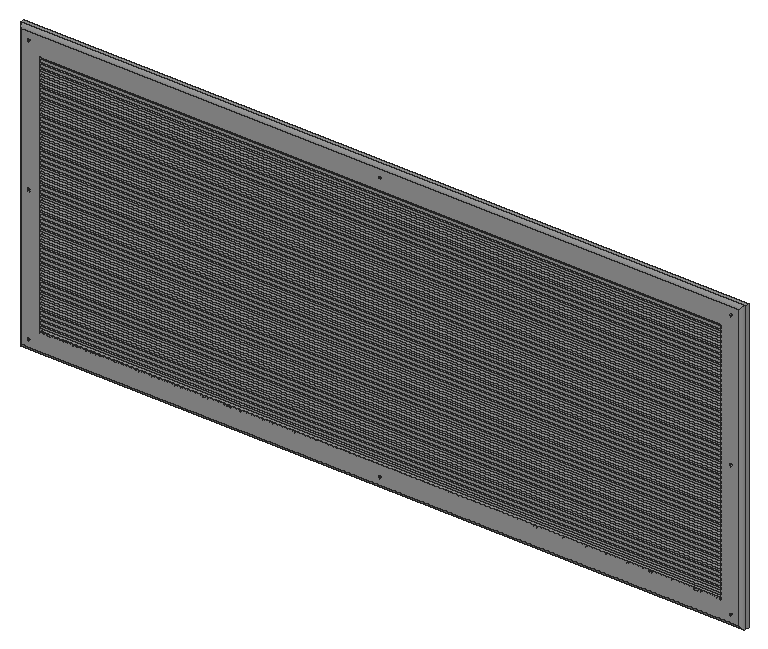
Revit family "ОНФ", category Оборудование, Revit 2021
Family settings
  Размер круглого соединителя = Использовать диаметр
  Классификация = Нет
  Тип детали = Нормальный
  На основе рабочей плоскости = Нет
  Всегда вертикально = Да
  При загрузке вырезать с полостями = Нет
  Общий = Нет
  Точка принадлежности помещению = Нет
Parameters (values of type "ОНФ 1000х400")
  Отметка по умолчанию = 0 mm
  Вага = 6.50 kg
  t = 3 mm
  r = 5 mm  # constant formula
  n = B1 / S  # 57
  a2 = -A1 / 2  # -470 mm
  a1 = A1 / 2  # 470 mm
  S = 6 mm
  Pressure_Static_Air [instance] = 0.0 m³/h
  Maximum Air Flow = 0.0 m³/h
  Maintenance zone material = none
  Load Classification = "HVAC"
  Grid Material = Cover Grid Cross
  Casing Material = Металл, окрашенный, синий, матовый RAL 5007
  B2 = B - C  # 370 mm
  B1 = B - C * 2  # 340 mm
  C = 30 mm
  B = 400 mm
  Air Flow [instance] = 0.0 m³/h
  A2 = A - C  # 970 mm
  A1 = A - 2 * C  # 940 mm
  A = 1000 mm
  09_System_Name [instance] = ""
  00_20_Type = "ОНФ 1000х400"
  00_20_Name = "Припливно-витяжна решітка"
  00_20_Manufacturer = "Вентс"  # constant formula
Types (16, lengths in mm): name | t | n | a2 | a1 | B2 | B1 | C | B | A2 | A1 | A | 00_20_Type
  (no name) | 3 | 57 | -470 | 470 | 370 | 340 | 30 | 400 | 970 | 940 | 1000 | "ОНФ 1000х400"
  ОНФ 100х100 | 2 | 13 | -40 | 40 | 90 | 80 | 10 | 100 | 90 | 80 | 100 | "ОНФ 100х100"
  ОНФ 1000х1000 | 3 | 157 | -470 | 470 | 970 | 940 | 30 | 1000 | 970 | 940 | 1000 | "ОНФ 1000х1000"
  ОНФ 900х900 | 3 | 140 | -420 | 420 | 870 | 840 | 30 | 900 | 870 | 840 | 900 | "ОНФ 900х900"
  ОНФ 800х800 | 3 | 123 | -370 | 370 | 770 | 740 | 30 | 800 | 770 | 740 | 800 | "ОНФ 800х800"
  ОНФ 700х700 | 3 | 107 | -320 | 320 | 670 | 640 | 30 | 700 | 670 | 640 | 700 | "ОНФ 700х700"
  ОНФ 600х600 | 3 | 90 | -270 | 270 | 570 | 540 | 30 | 600 | 570 | 540 | 600 | "ОНФ 600х600"
  ОНФ 500х500 | 3 | 73 | -220 | 220 | 470 | 440 | 30 | 500 | 470 | 440 | 500 | "ОНФ 500х500"
  ОНФ 400х400 | 3 | 42 | -125 | 125 | 275 | 250 | 25 | 300 | 275 | 250 | 300 | "ОНФ 400х400"
  ОНФ 300х300 | 3 | 42 | -125 | 125 | 275 | 250 | 25 | 300 | 275 | 250 | 300 | "ОНФ 300х300"
  ОНФ 200х200 | 3 | 27 | -80 | 80 | 180 | 160 | 20 | 200 | 180 | 160 | 200 | "ОНФ 200х200"
  ОНФ 100х150 | 2 | 22 | -40 | 40 | 140 | 130 | 10 | 150 | 90 | 80 | 100 | "ОНФ 100х150"
  ОНФ 150х150 | 2 | 22 | -65 | 65 | 140 | 130 | 10 | 150 | 140 | 130 | 150 | "ОНФ 150х150"
  ОНФ 150х200 | 2 | 28 | -110 | 110 | 185 | 170 | 15 | 200 | 235 | 220 | 250 | "ОНФ 150х200"
  ОНФ 900х400 | 3 | 57 | -420 | 420 | 370 | 340 | 30 | 400 | 870 | 840 | 900 | "ОНФ 900х400"
  ОНФ 1000х400 | 3 | 57 | -470 | 470 | 370 | 340 | 30 | 400 | 970 | 940 | 1000 | "ОНФ 1000х400"
Reference planes
  plane 1 "По центру (Вперед/Назад)": y = 0
  plane 2: z = 0
  plane 3 "По центру (Влево/Вправо)": x = 0
  plane 4: x = 470
  plane 5: x = -470
  plane 6: z = 170
  plane 7: z = -170
  plane 8: z = 185
  plane 9: x = -485
  plane 10: x = 485
  plane 11: z = -185
Forms (mm)
  Extrusion 1, solid, material "Металл, окрашенный, белый, матовый"
    sketch origin (-145.595, 0, 117.557) x (1, 0, 0) y (0, 0, 1)
      loop
        line (-324.405, -287.557) -> (615.595, -287.557) -> (615.595, 52.443) -> (-324.405, 52.443) -> (-324.405, -287.557)
      loop
        line (-354.405, -317.557) -> (645.595, -317.557) -> (645.595, 82.443) -> (-354.405, 82.443) -> (-354.405, -317.557)
    from 0 to 10
  Extrusion 2, solid, material "Металл, окрашенный, белый, матовый"
    sketch origin (0, 0, -50) x (0, 1, 0) y (0, 0, 1)
      loop
        line (0, 216.798) -> (-10, 216.798) -> (-10, 213.798) -> (0, 213.798) -> (0, 216.798)
    from 470 <- "a1" to -470 <- "a2"
  Extrusion 3, solid, material "Металл, окрашенный, белый, матовый"
    sketch origin (0, 0, -56) x (0, 1, 0) y (0, 0, 1)
      loop
        line (0, 216.798) -> (-10, 216.798) -> (-10, 213.798) -> (0, 213.798) -> (0, 216.798)
    from 470 <- "a1" to -470 <- "a2"
  Extrusion 4, solid, material "Металл, окрашенный, белый, матовый"
    sketch origin (0, 0, -62) x (0, 1, 0) y (0, 0, 1)
      loop
        line (0, 216.798) -> (-10, 216.798) -> (-10, 213.798) -> (0, 213.798) -> (0, 216.798)
    from 470 <- "a1" to -470 <- "a2"
  Extrusion 5, solid, material "Металл, окрашенный, белый, матовый"
    sketch origin (0, 0, -68) x (0, 1, 0) y (0, 0, 1)
      loop
        line (0, 216.798) -> (-10, 216.798) -> (-10, 213.798) -> (0, 213.798) -> (0, 216.798)
    from 470 <- "a1" to -470 <- "a2"
  Extrusion 6, solid, material "Металл, окрашенный, белый, матовый"
    sketch origin (0, 0, -74) x (0, 1, 0) y (0, 0, 1)
      loop
        line (0, 216.798) -> (-10, 216.798) -> (-10, 213.798) -> (0, 213.798) -> (0, 216.798)
    from 470 <- "a1" to -470 <- "a2"
  Extrusion 7, solid, material "Металл, окрашенный, белый, матовый"
    sketch origin (0, 0, -80) x (0, 1, 0) y (0, 0, 1)
      loop
        line (0, 216.798) -> (-10, 216.798) -> (-10, 213.798) -> (0, 213.798) -> (0, 216.798)
    from 470 <- "a1" to -470 <- "a2"
  Extrusion 8, solid, material "Металл, окрашенный, белый, матовый"
    sketch origin (0, 0, -86) x (0, 1, 0) y (0, 0, 1)
      loop
        line (0, 216.798) -> (-10, 216.798) -> (-10, 213.798) -> (0, 213.798) -> (0, 216.798)
    from 470 <- "a1" to -470 <- "a2"
  Extrusion 9, solid, material "Металл, окрашенный, белый, матовый"
    sketch origin (0, 0, -92) x (0, 1, 0) y (0, 0, 1)
      loop
        line (0, 216.798) -> (-10, 216.798) -> (-10, 213.798) -> (0, 213.798) -> (0, 216.798)
    from 470 <- "a1" to -470 <- "a2"
  Extrusion 10, solid, material "Металл, окрашенный, белый, матовый"
    sketch origin (0, 0, -98) x (0, 1, 0) y (0, 0, 1)
      loop
        line (0, 216.798) -> (-10, 216.798) -> (-10, 213.798) -> (0, 213.798) -> (0, 216.798)
    from 470 <- "a1" to -470 <- "a2"
  Extrusion 11, solid, material "Металл, окрашенный, белый, матовый"
    sketch origin (0, 0, -104) x (0, 1, 0) y (0, 0, 1)
      loop
        line (0, 216.798) -> (-10, 216.798) -> (-10, 213.798) -> (0, 213.798) -> (0, 216.798)
    from 470 <- "a1" to -470 <- "a2"
  Extrusion 12, solid, material "Металл, окрашенный, белый, матовый"
    sketch origin (0, 0, -110) x (0, 1, 0) y (0, 0, 1)
      loop
        line (0, 216.798) -> (-10, 216.798) -> (-10, 213.798) -> (0, 213.798) -> (0, 216.798)
    from 470 <- "a1" to -470 <- "a2"
  Extrusion 13, solid, material "Металл, окрашенный, белый, матовый"
    sketch origin (0, 0, -116) x (0, 1, 0) y (0, 0, 1)
      loop
        line (0, 216.798) -> (-10, 216.798) -> (-10, 213.798) -> (0, 213.798) -> (0, 216.798)
    from 470 <- "a1" to -470 <- "a2"
  Extrusion 14, solid, material "Металл, окрашенный, белый, матовый"
    sketch origin (0, 0, -122) x (0, 1, 0) y (0, 0, 1)
      loop
        line (0, 216.798) -> (-10, 216.798) -> (-10, 213.798) -> (0, 213.798) -> (0, 216.798)
    from 470 <- "a1" to -470 <- "a2"
  Sweep 15, void
    path in 3D
      loop
        line (-500, -10, 200) -> (-500, -10, -200) -> (500, -10, -200) -> (500, -10, 200) -> (-500, -10, 200)
    profile origin (0, -10, 200) x (0, -1, 0) y (0, 0, 1)
      loop
        line (0, 0) -> (-5, 0)
        arc (-5, 0) -> (-1.464, -1.464) -> (0, -5) r 5
        line (0, -5) -> (0, 0)
  Extrusion 16, void
    sketch origin (0, 0, 0) x (1, 0, 0) y (0, 0, 1)
      loop
        circle (485.01, 185.01) r 2
      loop
        circle (-485.01, 185.01) r 2
      loop
        circle (485, 0) r 2
      loop
        circle (-485, 0) r 2
      loop
        circle (-485.01, -185.01) r 2
      loop
        circle (485.01, -185.01) r 2
      loop
        circle (0, -185) r 2
      loop
        circle (0, 185) r 2
    from 0 to 10
  Extrusion 17, solid, material "Металл, окрашенный, белый, матовый"
    sketch origin (0, 0, -128) x (0, 1, 0) y (0, 0, 1)
      loop
        line (0, 216.798) -> (-10, 216.798) -> (-10, 213.798) -> (0, 213.798) -> (0, 216.798)
    from 470 <- "a1" to -470 <- "a2"
  Extrusion 18, solid, material "Металл, окрашенный, белый, матовый"
    sketch origin (0, 0, -134) x (0, 1, 0) y (0, 0, 1)
      loop
        line (0, 216.798) -> (-10, 216.798) -> (-10, 213.798) -> (0, 213.798) -> (0, 216.798)
    from 470 <- "a1" to -470 <- "a2"
  Extrusion 19, solid, material "Металл, окрашенный, белый, матовый"
    sketch origin (0, 0, -140) x (0, 1, 0) y (0, 0, 1)
      loop
        line (0, 216.798) -> (-10, 216.798) -> (-10, 213.798) -> (0, 213.798) -> (0, 216.798)
    from 470 <- "a1" to -470 <- "a2"
  Extrusion 20, solid, material "Металл, окрашенный, белый, матовый"
    sketch origin (0, 0, -146) x (0, 1, 0) y (0, 0, 1)
      loop
        line (0, 216.798) -> (-10, 216.798) -> (-10, 213.798) -> (0, 213.798) -> (0, 216.798)
    from 470 <- "a1" to -470 <- "a2"
  Extrusion 21, solid, material "Металл, окрашенный, белый, матовый"
    sketch origin (0, 0, -152) x (0, 1, 0) y (0, 0, 1)
      loop
        line (0, 216.798) -> (-10, 216.798) -> (-10, 213.798) -> (0, 213.798) -> (0, 216.798)
    from 470 <- "a1" to -470 <- "a2"
  Extrusion 22, solid, material "Металл, окрашенный, белый, матовый"
    sketch origin (0, 0, -158) x (0, 1, 0) y (0, 0, 1)
      loop
        line (0, 216.798) -> (-10, 216.798) -> (-10, 213.798) -> (0, 213.798) -> (0, 216.798)
    from 470 <- "a1" to -470 <- "a2"
  Extrusion 23, solid, material "Металл, окрашенный, белый, матовый"
    sketch origin (0, 0, -164) x (0, 1, 0) y (0, 0, 1)
      loop
        line (0, 216.798) -> (-10, 216.798) -> (-10, 213.798) -> (0, 213.798) -> (0, 216.798)
    from 470 <- "a1" to -470 <- "a2"
  Extrusion 24, solid, material "Металл, окрашенный, белый, матовый"
    sketch origin (0, 0, -170) x (0, 1, 0) y (0, 0, 1)
      loop
        line (0, 216.798) -> (-10, 216.798) -> (-10, 213.798) -> (0, 213.798) -> (0, 216.798)
    from 470 <- "a1" to -470 <- "a2"
  Extrusion 25, solid, material "Металл, окрашенный, белый, матовый"
    sketch origin (0, 0, -176) x (0, 1, 0) y (0, 0, 1)
      loop
        line (0, 216.798) -> (-10, 216.798) -> (-10, 213.798) -> (0, 213.798) -> (0, 216.798)
    from 470 <- "a1" to -470 <- "a2"
  Extrusion 26, solid, material "Металл, окрашенный, белый, матовый"
    sketch origin (0, 0, -182) x (0, 1, 0) y (0, 0, 1)
      loop
        line (0, 216.798) -> (-10, 216.798) -> (-10, 213.798) -> (0, 213.798) -> (0, 216.798)
    from 470 <- "a1" to -470 <- "a2"
  Extrusion 27, solid, material "Металл, окрашенный, белый, матовый"
    sketch origin (0, 0, -188) x (0, 1, 0) y (0, 0, 1)
      loop
        line (0, 216.798) -> (-10, 216.798) -> (-10, 213.798) -> (0, 213.798) -> (0, 216.798)
    from 470 <- "a1" to -470 <- "a2"
  Extrusion 28, solid, material "Металл, окрашенный, белый, матовый"
    sketch origin (0, 0, -194) x (0, 1, 0) y (0, 0, 1)
      loop
        line (0, 216.798) -> (-10, 216.798) -> (-10, 213.798) -> (0, 213.798) -> (0, 216.798)
    from 470 <- "a1" to -470 <- "a2"
  Extrusion 29, solid, material "Металл, окрашенный, белый, матовый"
    sketch origin (0, 0, -200) x (0, 1, 0) y (0, 0, 1)
      loop
        line (0, 216.798) -> (-10, 216.798) -> (-10, 213.798) -> (0, 213.798) -> (0, 216.798)
    from 470 <- "a1" to -470 <- "a2"
  Extrusion 30, solid, material "Металл, окрашенный, белый, матовый"
    sketch origin (0, 0, -206) x (0, 1, 0) y (0, 0, 1)
      loop
        line (0, 216.798) -> (-10, 216.798) -> (-10, 213.798) -> (0, 213.798) -> (0, 216.798)
    from 470 <- "a1" to -470 <- "a2"
  Extrusion 31, solid, material "Металл, окрашенный, белый, матовый"
    sketch origin (0, 0, -212) x (0, 1, 0) y (0, 0, 1)
      loop
        line (0, 216.798) -> (-10, 216.798) -> (-10, 213.798) -> (0, 213.798) -> (0, 216.798)
    from 470 <- "a1" to -470 <- "a2"
  Extrusion 32, solid, material "Металл, окрашенный, белый, матовый"
    sketch origin (0, 0, -218) x (0, 1, 0) y (0, 0, 1)
      loop
        line (0, 216.798) -> (-10, 216.798) -> (-10, 213.798) -> (0, 213.798) -> (0, 216.798)
    from 470 <- "a1" to -470 <- "a2"
  Extrusion 33, solid, material "Металл, окрашенный, белый, матовый"
    sketch origin (0, 0, -224) x (0, 1, 0) y (0, 0, 1)
      loop
        line (0, 216.798) -> (-10, 216.798) -> (-10, 213.798) -> (0, 213.798) -> (0, 216.798)
    from 470 <- "a1" to -470 <- "a2"
  Extrusion 34, solid, material "Металл, окрашенный, белый, матовый"
    sketch origin (0, 0, -230) x (0, 1, 0) y (0, 0, 1)
      loop
        line (0, 216.798) -> (-10, 216.798) -> (-10, 213.798) -> (0, 213.798) -> (0, 216.798)
    from 470 <- "a1" to -470 <- "a2"
  Extrusion 35, solid, material "Металл, окрашенный, белый, матовый"
    sketch origin (0, 0, -236) x (0, 1, 0) y (0, 0, 1)
      loop
        line (0, 216.798) -> (-10, 216.798) -> (-10, 213.798) -> (0, 213.798) -> (0, 216.798)
    from 470 <- "a1" to -470 <- "a2"
  Extrusion 36, solid, material "Металл, окрашенный, белый, матовый"
    sketch origin (0, 0, -242) x (0, 1, 0) y (0, 0, 1)
      loop
        line (0, 216.798) -> (-10, 216.798) -> (-10, 213.798) -> (0, 213.798) -> (0, 216.798)
    from 470 <- "a1" to -470 <- "a2"
  Extrusion 37, solid, material "Металл, окрашенный, белый, матовый"
    sketch origin (0, 0, -248) x (0, 1, 0) y (0, 0, 1)
      loop
        line (0, 216.798) -> (-10, 216.798) -> (-10, 213.798) -> (0, 213.798) -> (0, 216.798)
    from 470 <- "a1" to -470 <- "a2"
  Extrusion 38, solid, material "Металл, окрашенный, белый, матовый"
    sketch origin (0, 0, -254) x (0, 1, 0) y (0, 0, 1)
      loop
        line (0, 216.798) -> (-10, 216.798) -> (-10, 213.798) -> (0, 213.798) -> (0, 216.798)
    from 470 <- "a1" to -470 <- "a2"
  Extrusion 39, solid, material "Металл, окрашенный, белый, матовый"
    sketch origin (0, 0, -260) x (0, 1, 0) y (0, 0, 1)
      loop
        line (0, 216.798) -> (-10, 216.798) -> (-10, 213.798) -> (0, 213.798) -> (0, 216.798)
    from 470 <- "a1" to -470 <- "a2"
  Extrusion 40, solid, material "Металл, окрашенный, белый, матовый"
    sketch origin (0, 0, -266) x (0, 1, 0) y (0, 0, 1)
      loop
        line (0, 216.798) -> (-10, 216.798) -> (-10, 213.798) -> (0, 213.798) -> (0, 216.798)
    from 470 <- "a1" to -470 <- "a2"
  Extrusion 41, solid, material "Металл, окрашенный, белый, матовый"
    sketch origin (0, 0, -272) x (0, 1, 0) y (0, 0, 1)
      loop
        line (0, 216.798) -> (-10, 216.798) -> (-10, 213.798) -> (0, 213.798) -> (0, 216.798)
    from 470 <- "a1" to -470 <- "a2"
  Extrusion 42, solid, material "Металл, окрашенный, белый, матовый"
    sketch origin (0, 0, -278) x (0, 1, 0) y (0, 0, 1)
      loop
        line (0, 216.798) -> (-10, 216.798) -> (-10, 213.798) -> (0, 213.798) -> (0, 216.798)
    from 470 <- "a1" to -470 <- "a2"
  Extrusion 43, solid, material "Металл, окрашенный, белый, матовый"
    sketch origin (0, 0, -284) x (0, 1, 0) y (0, 0, 1)
      loop
        line (0, 216.798) -> (-10, 216.798) -> (-10, 213.798) -> (0, 213.798) -> (0, 216.798)
    from 470 <- "a1" to -470 <- "a2"
  Extrusion 44, solid, material "Металл, окрашенный, белый, матовый"
    sketch origin (0, 0, -290) x (0, 1, 0) y (0, 0, 1)
      loop
        line (0, 216.798) -> (-10, 216.798) -> (-10, 213.798) -> (0, 213.798) -> (0, 216.798)
    from 470 <- "a1" to -470 <- "a2"
  Extrusion 45, solid, material "Металл, окрашенный, белый, матовый"
    sketch origin (0, 0, -296) x (0, 1, 0) y (0, 0, 1)
      loop
        line (0, 216.798) -> (-10, 216.798) -> (-10, 213.798) -> (0, 213.798) -> (0, 216.798)
    from 470 <- "a1" to -470 <- "a2"
  Extrusion 46, solid, material "Металл, окрашенный, белый, матовый"
    sketch origin (0, 0, -302) x (0, 1, 0) y (0, 0, 1)
      loop
        line (0, 216.798) -> (-10, 216.798) -> (-10, 213.798) -> (0, 213.798) -> (0, 216.798)
    from 470 <- "a1" to -470 <- "a2"
  Extrusion 47, solid, material "Металл, окрашенный, белый, матовый"
    sketch origin (0, 0, -308) x (0, 1, 0) y (0, 0, 1)
      loop
        line (0, 216.798) -> (-10, 216.798) -> (-10, 213.798) -> (0, 213.798) -> (0, 216.798)
    from 470 <- "a1" to -470 <- "a2"
  Extrusion 48, solid, material "Металл, окрашенный, белый, матовый"
    sketch origin (0, 0, -314) x (0, 1, 0) y (0, 0, 1)
      loop
        line (0, 216.798) -> (-10, 216.798) -> (-10, 213.798) -> (0, 213.798) -> (0, 216.798)
    from 470 <- "a1" to -470 <- "a2"
  Extrusion 49, solid, material "Металл, окрашенный, белый, матовый"
    sketch origin (0, 0, -320) x (0, 1, 0) y (0, 0, 1)
      loop
        line (0, 216.798) -> (-10, 216.798) -> (-10, 213.798) -> (0, 213.798) -> (0, 216.798)
    from 470 <- "a1" to -470 <- "a2"
  Extrusion 50, solid, material "Металл, окрашенный, белый, матовый"
    sketch origin (0, 0, -326) x (0, 1, 0) y (0, 0, 1)
      loop
        line (0, 216.798) -> (-10, 216.798) -> (-10, 213.798) -> (0, 213.798) -> (0, 216.798)
    from 470 <- "a1" to -470 <- "a2"
  Extrusion 51, solid, material "Металл, окрашенный, белый, матовый"
    sketch origin (0, 0, -332) x (0, 1, 0) y (0, 0, 1)
      loop
        line (0, 216.798) -> (-10, 216.798) -> (-10, 213.798) -> (0, 213.798) -> (0, 216.798)
    from 470 <- "a1" to -470 <- "a2"
  Extrusion 52, solid, material "Металл, окрашенный, белый, матовый"
    sketch origin (0, 0, -338) x (0, 1, 0) y (0, 0, 1)
      loop
        line (0, 216.798) -> (-10, 216.798) -> (-10, 213.798) -> (0, 213.798) -> (0, 216.798)
    from 470 <- "a1" to -470 <- "a2"
  Extrusion 53, solid, material "Металл, окрашенный, белый, матовый"
    sketch origin (0, 0, -344) x (0, 1, 0) y (0, 0, 1)
      loop
        line (0, 216.798) -> (-10, 216.798) -> (-10, 213.798) -> (0, 213.798) -> (0, 216.798)
    from 470 <- "a1" to -470 <- "a2"
  Extrusion 54, solid, material "Металл, окрашенный, белый, матовый"
    sketch origin (0, 0, -350) x (0, 1, 0) y (0, 0, 1)
      loop
        line (0, 216.798) -> (-10, 216.798) -> (-10, 213.798) -> (0, 213.798) -> (0, 216.798)
    from 470 <- "a1" to -470 <- "a2"
  Extrusion 55, solid, material "Металл, окрашенный, белый, матовый"
    sketch origin (0, 0, -356) x (0, 1, 0) y (0, 0, 1)
      loop
        line (0, 216.798) -> (-10, 216.798) -> (-10, 213.798) -> (0, 213.798) -> (0, 216.798)
    from 470 <- "a1" to -470 <- "a2"
  Extrusion 56, solid, material "Металл, окрашенный, белый, матовый"
    sketch origin (0, 0, -362) x (0, 1, 0) y (0, 0, 1)
      loop
        line (0, 216.798) -> (-10, 216.798) -> (-10, 213.798) -> (0, 213.798) -> (0, 216.798)
    from 470 <- "a1" to -470 <- "a2"
  Extrusion 57, solid, material "Металл, окрашенный, белый, матовый"
    sketch origin (0, 0, -368) x (0, 1, 0) y (0, 0, 1)
      loop
        line (0, 216.798) -> (-10, 216.798) -> (-10, 213.798) -> (0, 213.798) -> (0, 216.798)
    from 470 <- "a1" to -470 <- "a2"
  Extrusion 58, solid, material "Металл, окрашенный, белый, матовый"
    sketch origin (0, 0, -374) x (0, 1, 0) y (0, 0, 1)
      loop
        line (0, 216.798) -> (-10, 216.798) -> (-10, 213.798) -> (0, 213.798) -> (0, 216.798)
    from 470 <- "a1" to -470 <- "a2"
  Extrusion 59, solid, material "Металл, окрашенный, белый, матовый"
    sketch origin (0, 0, -380) x (0, 1, 0) y (0, 0, 1)
      loop
        line (0, 216.798) -> (-10, 216.798) -> (-10, 213.798) -> (0, 213.798) -> (0, 216.798)
    from 470 <- "a1" to -470 <- "a2"
  Extrusion 60, solid, material "Металл, окрашенный, белый, матовый"
    sketch origin (0, 0, -386) x (0, 1, 0) y (0, 0, 1)
      loop
        line (0, 216.798) -> (-10, 216.798) -> (-10, 213.798) -> (0, 213.798) -> (0, 216.798)
    from 470 <- "a1" to -470 <- "a2"
Cuts and joins
  Sweep 15, Extrusion 16 cuts Extrusion 1
Lines and regions (mm)
  sketch lines
    curve 1: line (500, -10, 200) -> (-500, -10, 200)
    curve 2: line (-500, -10, 200) -> (-500, -10, -200)
    curve 3: line (500, -10, -200) -> (500, -10, 200)
    curve 4: line (-500, -10, -200) -> (500, -10, -200)
Dimensions and locks
  "B": Extrusion 1 sketch curve to Extrusion 1 sketch curve
  "A": Extrusion 1 sketch curve to Extrusion 1 sketch curve
  equal spacing: Extrusion 1 sketch curve, plane 3 "По центру (Влево/Вправо)", Extrusion 1 sketch curve
  equal spacing: Extrusion 1 sketch curve, level, Extrusion 1 sketch curve
  equal spacing: plane 7, level, plane 6
  "B1": plane 7 to plane 6
  equal spacing: plane 4, plane 3 "По центру (Влево/Вправо)", plane 5
  "A1": plane 4 to plane 5
  "t": Extrusion 2 sketch curve to Extrusion 2 sketch curve
  locked: plane 6 to Extrusion 2 at 3.202
  "t": Extrusion 3 sketch curve to Extrusion 3 sketch curve
  equal spacing: group 1, group 2, group 3, group 4, group 5, group 6, group 7, group 8, group 9, group 10, group 11, group 12, group 13, group 14, group 15, group 16, group 17, group 18, group 19, group 20, group 21, group 22, group 23, group 24, group 25, group 26, group 27, group 28, group 29, group 30, group 31, group 32, group 33, group 34, group 35, group 36, group 37, group 38, group 39, group 40, group 41, group 42, group 43, group 44, group 45, group 46, group 47, group 48, group 49, group 50, group 51, group 52, group 53, group 54, group 55, group 56, group 57  (x2)
  equal spacing: group 57, group 56, group 55, group 54, group 53, group 52, group 51, group 50, group 49, group 48, group 47, group 46, group 45, group 44, group 43, group 42, group 41, group 40, group 39, group 38, group 37, group 36, group 35, group 34, group 33, group 32, group 31, group 30, group 29, group 28, group 27, group 26, group 25, group 24, group 23, group 22, group 21, group 20, group 19, group 18, group 17, group 16, group 15, group 14, group 13, group 12, group 11, group 10, group 9, group 8, group 7, group 6, group 5, group 4, group 3, group 2, group 1
  "t": Extrusion 4 sketch curve to Extrusion 4 sketch curve
  "S": Extrusion 2 to Extrusion 3
  "t": Extrusion 5 sketch curve to Extrusion 5 sketch curve
  "t": Extrusion 6 sketch curve to Extrusion 6 sketch curve
  "t": Extrusion 7 sketch curve to Extrusion 7 sketch curve
  "t": Extrusion 8 sketch curve to Extrusion 8 sketch curve
  "t": Extrusion 9 sketch curve to Extrusion 9 sketch curve
  "t": Extrusion 10 sketch curve to Extrusion 10 sketch curve
  "t": Extrusion 11 sketch curve to Extrusion 11 sketch curve
  "t": Extrusion 12 sketch curve to Extrusion 12 sketch curve
  "t": Extrusion 13 sketch curve to Extrusion 13 sketch curve
  "t": Extrusion 14 sketch curve to Extrusion 14 sketch curve
  equal spacing: plane 9, plane 3 "По центру (Влево/Вправо)", plane 10
  "A2": plane 9 to plane 10
  equal spacing: plane 11, level, plane 8
  "B2": plane 11 to plane 8
  "t": Extrusion 17 sketch curve to Extrusion 17 sketch curve
  "t": Extrusion 18 sketch curve to Extrusion 18 sketch curve
  "t": Extrusion 19 sketch curve to Extrusion 19 sketch curve
  "t": Extrusion 20 sketch curve to Extrusion 20 sketch curve
  "t": Extrusion 21 sketch curve to Extrusion 21 sketch curve
  "t": Extrusion 22 sketch curve to Extrusion 22 sketch curve
  "t": Extrusion 23 sketch curve to Extrusion 23 sketch curve
  "t": Extrusion 24 sketch curve to Extrusion 24 sketch curve
  "t": Extrusion 25 sketch curve to Extrusion 25 sketch curve
  "t": Extrusion 26 sketch curve to Extrusion 26 sketch curve
  "t": Extrusion 27 sketch curve to Extrusion 27 sketch curve
  "t": Extrusion 28 sketch curve to Extrusion 28 sketch curve
  "t": Extrusion 29 sketch curve to Extrusion 29 sketch curve
  "t": Extrusion 30 sketch curve to Extrusion 30 sketch curve
  "t": Extrusion 31 sketch curve to Extrusion 31 sketch curve
  "t": Extrusion 32 sketch curve to Extrusion 32 sketch curve
  "t": Extrusion 33 sketch curve to Extrusion 33 sketch curve
  "t": Extrusion 34 sketch curve to Extrusion 34 sketch curve
  "t": Extrusion 35 sketch curve to Extrusion 35 sketch curve
  "t": Extrusion 36 sketch curve to Extrusion 36 sketch curve
  "t": Extrusion 37 sketch curve to Extrusion 37 sketch curve
  "t": Extrusion 38 sketch curve to Extrusion 38 sketch curve
  "t": Extrusion 39 sketch curve to Extrusion 39 sketch curve
  "t": Extrusion 40 sketch curve to Extrusion 40 sketch curve
  "t": Extrusion 41 sketch curve to Extrusion 41 sketch curve
  "t": Extrusion 42 sketch curve to Extrusion 42 sketch curve
  "t": Extrusion 43 sketch curve to Extrusion 43 sketch curve
  "t": Extrusion 44 sketch curve to Extrusion 44 sketch curve
  "t": Extrusion 45 sketch curve to Extrusion 45 sketch curve
  "t": Extrusion 46 sketch curve to Extrusion 46 sketch curve
  "t": Extrusion 47 sketch curve to Extrusion 47 sketch curve
  "t": Extrusion 48 sketch curve to Extrusion 48 sketch curve
  "t": Extrusion 49 sketch curve to Extrusion 49 sketch curve
  "t": Extrusion 50 sketch curve to Extrusion 50 sketch curve
  "t": Extrusion 51 sketch curve to Extrusion 51 sketch curve
  "t": Extrusion 52 sketch curve to Extrusion 52 sketch curve
  "t": Extrusion 53 sketch curve to Extrusion 53 sketch curve
  "t": Extrusion 54 sketch curve to Extrusion 54 sketch curve
  "t": Extrusion 55 sketch curve to Extrusion 55 sketch curve
  "t": Extrusion 56 sketch curve to Extrusion 56 sketch curve
  "t": Extrusion 57 sketch curve to Extrusion 57 sketch curve
  "t": Extrusion 58 sketch curve to Extrusion 58 sketch curve
  "t": Extrusion 59 sketch curve to Extrusion 59 sketch curve
  "t": Extrusion 60 sketch curve to Extrusion 60 sketch curve
  "r": radius of Sweep 15 sketch curve
  aligned and locked: level to plane 2
  aligned and locked: Extrusion 1 sketch curve to plane 4
  aligned and locked: plane 5 to Extrusion 1 sketch curve
  aligned and locked: Extrusion 1 sketch curve to plane 6
  aligned and locked: plane 7 to Extrusion 1 sketch curve
Automatic sketch dimensions
  Extrusion 2 sketch curve to Extrusion 2 sketch curve = 10 mm
  Extrusion 3 sketch curve to Extrusion 3 sketch curve = 10 mm
  Extrusion 4 sketch curve to Extrusion 4 sketch curve = 10 mm
  Extrusion 5 sketch curve to Extrusion 5 sketch curve = 10 mm
  Extrusion 6 sketch curve to Extrusion 6 sketch curve = 10 mm
  Extrusion 7 sketch curve to Extrusion 7 sketch curve = 10 mm
  Extrusion 8 sketch curve to Extrusion 8 sketch curve = 10 mm
  Extrusion 9 sketch curve to Extrusion 9 sketch curve = 10 mm
  Extrusion 10 sketch curve to Extrusion 10 sketch curve = 10 mm
  Extrusion 11 sketch curve to Extrusion 11 sketch curve = 10 mm
  Extrusion 12 sketch curve to Extrusion 12 sketch curve = 10 mm
  Extrusion 13 sketch curve to Extrusion 13 sketch curve = 10 mm
  Extrusion 14 sketch curve to Extrusion 14 sketch curve = 10 mm
  Extrusion 16 sketch curve to level = 0 mm  (x2)
  plane 9 to Extrusion 16 sketch curve = 0 mm
  Extrusion 16 sketch curve to plane 3 "По центру (Влево/Вправо)" = 0 mm  (x2)
  plane 10 to Extrusion 16 sketch curve = 0 mm
  Extrusion 16 sketch curve to plane 11 = 0 mm
  Extrusion 16 sketch curve to plane 8 = 0 mm
  plane 9 to Extrusion 16 sketch curve = 0.01 mm  (x2)
  Extrusion 16 sketch curve to plane 10 = 0.01 mm  (x2)
  Extrusion 16 sketch curve to plane 11 = 0.01 mm  (x2)
  plane 8 to Extrusion 16 sketch curve = 0.01 mm  (x2)
  Extrusion 17 sketch curve to Extrusion 17 sketch curve = 10 mm
  Extrusion 18 sketch curve to Extrusion 18 sketch curve = 10 mm
  Extrusion 19 sketch curve to Extrusion 19 sketch curve = 10 mm
  Extrusion 20 sketch curve to Extrusion 20 sketch curve = 10 mm
  Extrusion 21 sketch curve to Extrusion 21 sketch curve = 10 mm
  Extrusion 22 sketch curve to Extrusion 22 sketch curve = 10 mm
  Extrusion 23 sketch curve to Extrusion 23 sketch curve = 10 mm
  Extrusion 24 sketch curve to Extrusion 24 sketch curve = 10 mm
  Extrusion 25 sketch curve to Extrusion 25 sketch curve = 10 mm
  Extrusion 26 sketch curve to Extrusion 26 sketch curve = 10 mm
  Extrusion 27 sketch curve to Extrusion 27 sketch curve = 10 mm
  Extrusion 28 sketch curve to Extrusion 28 sketch curve = 10 mm
  Extrusion 29 sketch curve to Extrusion 29 sketch curve = 10 mm
  Extrusion 30 sketch curve to Extrusion 30 sketch curve = 10 mm
  Extrusion 31 sketch curve to Extrusion 31 sketch curve = 10 mm
  Extrusion 32 sketch curve to Extrusion 32 sketch curve = 10 mm
  Extrusion 33 sketch curve to Extrusion 33 sketch curve = 10 mm
  Extrusion 34 sketch curve to Extrusion 34 sketch curve = 10 mm
  Extrusion 35 sketch curve to Extrusion 35 sketch curve = 10 mm
  Extrusion 36 sketch curve to Extrusion 36 sketch curve = 10 mm
  Extrusion 37 sketch curve to Extrusion 37 sketch curve = 10 mm
  Extrusion 38 sketch curve to Extrusion 38 sketch curve = 10 mm
  Extrusion 39 sketch curve to Extrusion 39 sketch curve = 10 mm
  Extrusion 40 sketch curve to Extrusion 40 sketch curve = 10 mm
  Extrusion 41 sketch curve to Extrusion 41 sketch curve = 10 mm
  Extrusion 42 sketch curve to Extrusion 42 sketch curve = 10 mm
  Extrusion 43 sketch curve to Extrusion 43 sketch curve = 10 mm
  Extrusion 44 sketch curve to Extrusion 44 sketch curve = 10 mm
  Extrusion 45 sketch curve to Extrusion 45 sketch curve = 10 mm
  Extrusion 46 sketch curve to Extrusion 46 sketch curve = 10 mm
  Extrusion 47 sketch curve to Extrusion 47 sketch curve = 10 mm
  Extrusion 48 sketch curve to Extrusion 48 sketch curve = 10 mm
  Extrusion 49 sketch curve to Extrusion 49 sketch curve = 10 mm
  Extrusion 50 sketch curve to Extrusion 50 sketch curve = 10 mm
  Extrusion 51 sketch curve to Extrusion 51 sketch curve = 10 mm
  Extrusion 52 sketch curve to Extrusion 52 sketch curve = 10 mm
  Extrusion 53 sketch curve to Extrusion 53 sketch curve = 10 mm
  Extrusion 54 sketch curve to Extrusion 54 sketch curve = 10 mm
  Extrusion 55 sketch curve to Extrusion 55 sketch curve = 10 mm
  Extrusion 56 sketch curve to Extrusion 56 sketch curve = 10 mm
  Extrusion 57 sketch curve to Extrusion 57 sketch curve = 10 mm
  Extrusion 58 sketch curve to Extrusion 58 sketch curve = 10 mm
  Extrusion 59 sketch curve to Extrusion 59 sketch curve = 10 mm
  Extrusion 60 sketch curve to Extrusion 60 sketch curve = 10 mm
  Sweep 15 sketch curve to profile plane = 0 mm  (x2)
  radius of Extrusion 16 sketch curve = 2 mm  (x8)
